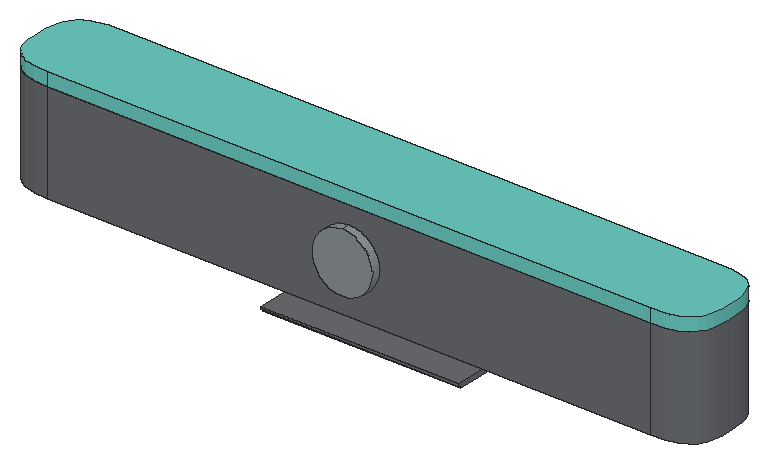
Revit family "Video_Conferencing-Camera-Vaddio-Venture_VideoBAR_Series--", category Specialty Equipment, host Face, Revit 2022
Family settings
  Host = Face
  Round Connector Dimension = Use Diameter
  Part Type = Normal
  OmniClass Number = 23.40.70.14.57
  OmniClass Title = Office Equipment and Furnishings
  Cut with Voids When Loaded = No
  Maintain Annotation Orientation = No
  Shared = No
  Room Calculation Point = No
Parameters (values of type "Standard")
  Voltage = 12 V
  Unit Weight = 7.35 lbf  # constant formula
  URL = "https://www.legrandav.com/products/cameras/video-conferencing-camera/venture-videobar-all-in-one-conferencing-camera/999-50909-000"
  Top Case Material = Plastic - Legrand Venture - Teal
  Tilt Range [instance] = "-21° to 155°"  # constant formula
  Tilt Angle [instance] = 0.00°
  Standards = ""
  Series = "Venture® VideoBAR"  # constant formula
  Product Page URL = "https://www.legrandav.com/products/cameras/video-conferencing-camera/venture-videobar-all-in-one-conferencing-camera/999-50909-000"
  Power Factor = 1
  Part Number = "999-50909-000"  # constant formula
  Part Description [instance] = "An all-in-one 4K video conferencing solution designed to deliver exceptional audio and video quality with an ultra-high-definition image sensor and advanced tracking technology.\r\nAn all-in-one 4K video conferencing solution designed to deliver exceptional audio and video quality with an ultra-high-definition image sensor and advanced tracking technology.\r\n"  # constant formula
  Number of Poles = 1
  Model Disclaimer = "Contact Vaddio For More Information"  # constant formula
  Model = "See Part Number"  # constant formula
  Minimum Operating Temperature = 32 °F  # constant formula
  Maximum Operating Temperature = 104 °F  # constant formula
  Manufacturer = "Vaddio"  # constant formula
  Full Load Amps = 2 A
  Family Version = "1.0"  # constant formula
  ENGworks Global = "https://engworksglobal.com/"
  Description = "See Part Description"  # constant formula
  Default Elevation = 4' - 0"
  Date Modified = "July 5, 2024"  # constant formula
  Date Created = "June 19, 2024"  # constant formula
  Copyright = "Copyright © Legrand"  # constant formula
  Bottom Case Material = Plastic - Legrand Venture - Black
  Apparent Power = Full Load Amps * Voltage  # 24 VA
  Angle [instance] = if(Tilt Angle > 155.00°, 335.00°, if(Tilt Angle < -21.00°, 159.00°, Tilt Angle + 180.00°))  # 180.00°
Reference planes (in)
  plane 1 "Center (Front/Back)": y = 0
  plane 2: z = 0
  plane 3 "Center (Left/Right)": x = 0
  plane 4: y = -1.30113
  plane 5: x = -3.88891
  plane 6: x = 3.88891
  plane 7: x = -2.89631
  plane 8: x = 2.89631
  plane 9: z = 3.86851
  plane 10: y = -1.10506
  plane 11: z = 3.86851
  plane 12: y = -1.10506
Forms (in)
  Extrusion 1, solid, material "Plastic - Legrand Venture - Black" <- "Bottom Case Material"
    sketch origin (0, -3.5017, 0) x (0, 1, 0) y (0, 0, 1)
      loop
        arc (2.58659, 3.91941) -> (2.2432, 3.9915) -> (2.38832, 3.67204) r 0.19665
        line (2.38832, 3.67204) -> (2.53656, 3.11879) -> (2.68796, 3.15935) -> (3.3943, 0.52325)
        arc (3.3943, 0.52325) -> (3.34698, 0.28532) -> (3.12941, 0.17803) r 0.27424
        line (3.12941, 0.17803) -> (-0.75421, 0.17803) -> (-0.75421, 0.07955) -> (-0.66382, 0.07955) -> (-0.66382, 0.00081) -> (3.03699, 0.00081) -> (3.03699, 0.07955) -> (3.1265, 0.07955)
        arc (3.1265, 0.07955) -> (3.42417, 0.22634) -> (3.48892, 0.55187) r 0.37521
        line (3.48892, 0.55187) -> (2.58659, 3.91941)
    from -3.88891 to 3.88891
  Extrusion 2, void
    sketch origin (0, 3.7483, 0) x (0, 1, 0) y (0, 0, 1)
      loop
        line (-3.70213, 1.08808) -> (-3.70213, 3.91941) -> (-4.66341, 3.91941)
        arc (-4.66341, 3.91941) -> (-4.71864, 3.72526) -> (-4.9158, 3.68204) r 0.19665
        line (-4.9158, 3.68204) -> (-4.9158, 1.08808) -> (-3.70213, 1.08808)
    from -2.89631 to 2.89631
Cuts and joins
  Extrusion 2 cuts Extrusion 1
Lines and regions (in)
  reference lines
    curve 1: line (0, -1.10506, 3.86851) -> (0, 14.14494, 3.86851)
    curve 2: line (0, -1.10506, 3.86851) -> (0, -1.10506, -2.13149)
Dimensions and locks (in)
  equal spacing: plane 7, plane 3 "Center (Left/Right)", plane 8
  locked: plane 7 to plane 8 at 5.79263
  equal spacing: plane 5, plane 3 "Center (Left/Right)", plane 6
  locked: plane 5 to plane 7 at 0.9926
  "Angle": angle plane 11 to curve 1
  locked: curve 1 to curve 2 (angle 90.00°)
  locked: nested 1 to curve 1 (angle 0.00°)
  locked: nested 1 to curve 2 (angle 0.00°)
  aligned and locked: plane 2 to host face
  aligned and locked: level to host face
  aligned and locked: Extrusion 1 to plane 5
  aligned and locked: Extrusion 1 to plane 6
  aligned and locked: Extrusion 2 to plane 7
  aligned and locked: Extrusion 2 to plane 8
  aligned and locked: nested 1 to curve 1
  aligned and locked: plane 11 to curve 2
  aligned and locked: plane 12 to curve 2
  aligned and locked: nested 1 to curve 2
  aligned and locked: plane 3 "Center (Left/Right)" to nested 1
Automatic sketch dimensions
  host sketch curve to host sketch curve = 8' - 0"  (x2)
  level to Extrusion 1 sketch curve = 0' - 0.07955"
  level to Extrusion 1 sketch curve = 0' - 0.00081"
  Extrusion 1 sketch curve to Extrusion 1 sketch curve = 0' - 0.09038"
  Extrusion 1 sketch curve to plane 4 = 0' - 0.18775"
  Extrusion 1 sketch curve to plane 4 = 0' - 0.19607"
  Extrusion 1 sketch curve to plane 4 = 0' - 0.33599"
  Extrusion 1 sketch curve to Extrusion 1 sketch curve = 0' - 0.18995"
  Extrusion 1 sketch curve to Extrusion 1 sketch curve = 0' - 0.1514"
  Extrusion 1 sketch curve to plane 4 = 0' - 0.83642"
  Extrusion 1 sketch curve to Extrusion 1 sketch curve = 0' - 0.08951"
  Extrusion 1 sketch curve to Extrusion 1 sketch curve = 0' - 0.00291"
  level to Extrusion 1 sketch curve = 0' - 0.52325"
  Extrusion 1 sketch curve to Extrusion 1 sketch curve = 0' - 0.26489"
  level to Extrusion 1 sketch curve = 0' - 0.55187"
  Extrusion 1 sketch curve to Extrusion 1 sketch curve = 0' - 0.09462"
  plane 9 to Extrusion 2 sketch curve = 0' - 0"
  Extrusion 2 sketch curve to plane 10 = 0' - 0"
  plane 10 to Extrusion 2 sketch curve = 0' - 0.06245"
  Extrusion 2 sketch curve to plane 9 = 0' - 0.0509"
  Extrusion 2 sketch curve to plane 10 = 0' - 0.18995"
  Extrusion 2 sketch curve to Extrusion 2 sketch curve = 0' - 0.96128"
  plane 4 to Extrusion 1 sketch curve = 0' - 2.8644"
  Extrusion 1 sketch curve to Extrusion 1 sketch curve = 0' - 0.07874"
  level to Extrusion 2 sketch curve = 0' - 1.08808"
Nested families (in)
  nested 1: "n_VideoBAR_Body" at (0, -1.10506, 0.00132), type "Family5"
Connectors (in)
  electrical at (0.00058, -1.30037, 3.38906), driven by "Voltage", driven by "Apparent Power", driven by "Power Factor"
    settings: on nested 1, index 1, voltage 12 V, apparent load 24 VA, apparent load phase1 0 VA, apparent load phase2 0 VA, apparent load phase3 0 VA, power factor 1, load classification "Power", number of poles 1, system type 30, power factor state 1, is connector primary yes, connector utility no, sub classification motor no, connector description "Power Connector"
Definition of nested family "n_VideoBAR_Body"
  Parameters (values of type "Family5")
    Default Elevation = 0' - 0"
  Reference planes (in)
    plane 1 "Center (Front/Back)": y = 0
    plane 2: z = 0
    plane 3 "Center (Left/Right)": x = 0
    plane 4: z = 3.86719
  Dimensions and locks (in)
    locked: plane 4 to plane 2 at 3.86719
    locked: plane 1 "Center (Front/Back)" to nested 1 at 0.19531
    locked: nested 1 to plane 2 at 1.41712
    aligned and locked: plane 2 to level
    aligned and locked: plane 3 "Center (Left/Right)" to nested 1
  Nested families (in)
    nested 1: "n_VideoBAR_Body" at (0, 1.10582, 0), type "Standard"
  Definition of nested family "n_VideoBAR_Body"
    Parameters (values of type "Standard")
      URL = ""
      Type Comments = ""
      Model = ""
      Manufacturer = ""
      Keynote = ""
      Description = ""
      Default Elevation = 0' - 0"
      Cost = 0
      Assembly Code = ""
    Reference planes (in)
      plane 1 "Center (Front/Back)": y = 0
      plane 2: z = 0
      plane 3 "Center (Left/Right)": x = 0
      plane 4: z = 5.86582
      plane 5: z = 1.41712
      plane 6: y = -1.30113
      plane 7: y = -4.78403
      plane 8: y = -5.12388
      plane 9: z = 3.46236
      plane 10: x = -3.88891
      plane 11: x = 3.88891
      plane 12: x = -2.89631
      plane 13: x = 2.89631
      plane 14: z = 5.35836
    Forms (in)
      Extrusion 1, solid
        sketch origin (0, 0, 0) x (1, 0, 0) y (0, 1, 0)
          loop
            line (-48, 48) -> (-48, -48) -> (48, -48) -> (48, 48) -> (-48, 48)
        from 0 to -12
      Extrusion 2, solid
        sketch origin (0, -3.53565, 0) x (1, 0, 0) y (0, 1, 0)
          loop
            line (11.81892, 2.23452) -> (-11.81775, 2.23452)
            spline (-11.81775, 2.23452) -> (-12.53921, 2.16119) -> (-13.03223, 1.95972) -> (-13.33984, 1.65789) -> (-13.50505, 1.28349) -> (-13.57088, 0.86428) -> (-13.58034, 0.42806) -> (-13.5631, 0.00146) -> (-13.49184, -0.39366) -> (-13.32413, -0.73677) -> (-13.01751, -1.00729) -> (-12.52953, -1.18468) -> (-11.81775, -1.24838)
            line (-11.81775, -1.24838) -> (11.81892, -1.24838)
            spline (11.81892, -1.24838) -> (12.5307, -1.18468) -> (13.01867, -1.00729) -> (13.32529, -0.73677) -> (13.49301, -0.39366) -> (13.56426, 0.00146) -> (13.58151, 0.42806) -> (13.57204, 0.86428) -> (13.50621, 1.28349) -> (13.341, 1.65789) -> (13.0334, 1.95972) -> (12.54037, 2.16119) -> (11.81892, 2.23452)
        from 1.41712 to 5.35836
      Sweep 3, solid
        path origin (0, 0, 0) x (0, 1, 0) y (0, 0, 1)
          loop
            line (-4.78403, 3.46236) -> (-5.12388, 3.46236)
        profile "Profile-Pipe OR : Profile-Pipe OR" origin (0, -4.95396, 3.46236) x (0, 0, -1) y (1, 0, 0)
          loop
            circle (0, 0) r 1.17969
      Extrusion 4, solid
        sketch origin (0, -3.53565, 0) x (1, 0, 0) y (0, 1, 0)
          loop
            line (11.81892, 2.23452) -> (-11.81775, 2.23452)
            spline (-11.81775, 2.23452) -> (-12.53921, 2.16119) -> (-13.03223, 1.95972) -> (-13.33984, 1.65789) -> (-13.50505, 1.28349) -> (-13.57088, 0.86428) -> (-13.58034, 0.42806) -> (-13.5631, 0.00146) -> (-13.49184, -0.39366) -> (-13.32413, -0.73677) -> (-13.01751, -1.00729) -> (-12.52953, -1.18468) -> (-11.81775, -1.24838)
            line (-11.81775, -1.24838) -> (11.81892, -1.24838)
            spline (11.81892, -1.24838) -> (12.5307, -1.18468) -> (13.01867, -1.00729) -> (13.32529, -0.73677) -> (13.49301, -0.39366) -> (13.56426, 0.00146) -> (13.58151, 0.42806) -> (13.57204, 0.86428) -> (13.50621, 1.28349) -> (13.341, 1.65789) -> (13.0334, 1.95972) -> (12.54037, 2.16119) -> (11.81892, 2.23452)
        from 5.35836 to 5.86582
    Dimensions and locks (in)
      locked: plane 7 to plane 8 at 0.33984
      plane 4 to plane 14 to plane 9 to plane 5 to plane 2 = 0' - 0.50746" locked, 0' - 1.89601" locked, 0' - 2.04523" locked, 0' - 1.41712" locked
      equal spacing: plane 12, plane 3 "Center (Left/Right)", plane 13
      locked: plane 12 to plane 13 at 5.79263
      equal spacing: plane 10, plane 3 "Center (Left/Right)", plane 11
      locked: plane 10 to plane 12 at 0.9926
      aligned and locked: plane 2 to Extrusion 1
      aligned and locked: level to Extrusion 1
      aligned and locked: plane 8 to Sweep 3 sketch curve
      aligned and locked: Sweep 3 sketch curve to plane 9
      aligned and locked: plane 7 to Sweep 3 sketch curve
      aligned and locked: plane 4 to Extrusion 4
      aligned and locked: Extrusion 4 to plane 14
      aligned and locked: plane 14 to Extrusion 2
      aligned and locked: Extrusion 2 to plane 5
      aligned and locked: Extrusion 4 sketch curve to plane 7
      aligned and locked: Extrusion 4 sketch curve to plane 6
    Automatic sketch dimensions
      Extrusion 1 sketch curve to Extrusion 1 sketch curve = 8' - 0"  (x2)
      plane 6 to Extrusion 2 sketch curve = 0' - 0"
      Extrusion 2 sketch curve to plane 7 = 0' - 0"
      Extrusion 2 sketch curve to plane 10 = 0' - 7.92884"
      Extrusion 2 sketch curve to plane 11 = 0' - 7.93001"
      Sweep 3 sketch curve to plane 9 = 0' - 0"
      Extrusion 4 sketch curve to plane 10 = 0' - 7.92884"
      Extrusion 4 sketch curve to plane 11 = 0' - 7.93001"
